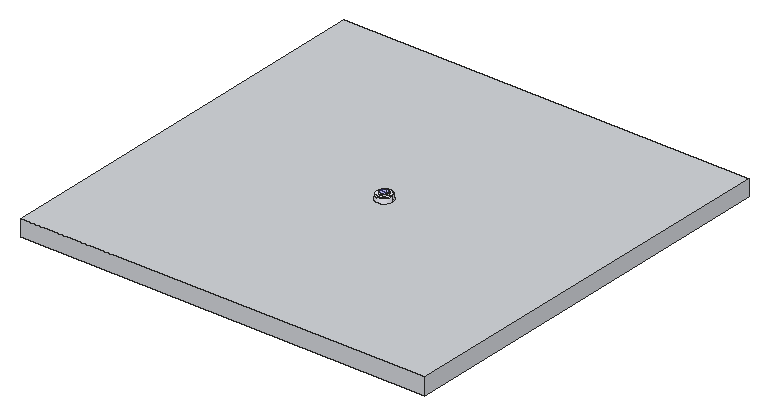
Revit family "BEG-92219", category Dispositifs d'éclairage, Revit 2015
Parameters
  Detection zone [instance] = yes
  Seat area [instance] = height position < 301 cm  # yes
  URL = "http://www.luxomat.com/en-92219"
  Type of output = "TOR"
  Ambiant temperature = "-25°C to +50°C"
  Ref = "92219"
  Relay = "10A"
  height position [instance] = 250 cm
  direct Range [instance] = height position * 2.4  # 600 cm
  transversal Range [instance] = height position * 4  # 1000 cm
  Modèle = "PD3N-1C/SM-Micro"
  Installation type = "Ceiling"
  Brand = "LUXOMAT"
  Image du type = 92219.jpg
  IP = "44"
  Mounting height max = Installation height max  # 300 cm
  Installation height max = 300 cm
  Fabricant = "B.E.G"
  Label [instance] = yes
  Default Elevation = 0 cm
  Consumption = "0,49W"
  Commentaires du type = "Occupancy detector PD3N-1C/SM-Micro"
  Code d'assemblage = "D5010200"
  Class = "2"
  Switching power LED = "200W"
  Switching power Cos ɸ =1 = "2300W"
  Switching power Cos ɸ =0.5 = "1150VA"
  Power voltage = "110-240 V AC"
  seated activity [instance] = height position * 1.6  # 400 cm
Reference planes (cm)
  plane 1 "Centre (avant/arrière)": y = 0
  plane 2: z = 0
  plane 3 "Centre (gauche/droite)": x = 0
Forms (cm)
  Extrusion 1, solid
    sketch origin (0, 0, 0) x (1, 0, 0) y (0, 1, 0)
      loop
        line (-121.92, 121.92) -> (-121.92, -121.92) -> (121.92, -121.92) -> (121.92, 121.92) -> (-121.92, 121.92)
    from 0 to -10
Dimensions and locks (cm)
  aligned and locked: plane 2 to Extrusion 1
  aligned and locked: level to Extrusion 1
  aligned and locked: nested 2 to plane 2
Nested families (cm)
  nested 1: "Famille1" at (0, -72.6659, 0) x (-1, 0, 0) z (0, 0, 1), reference <- "Ref", modele <- "Modèle", visible <- "Label", type "Famille1"
    with reference "92219", modele "PD3N-1C/SM-Micro"
  nested 2: "M8" at (0, 0, 0), type "Standard"
  nested 3: "zone G" at (0, 0, 0) x (-1, 0, 0) z (0, 0, 1), visible <- "Detection zone", activité assise <- "seated activity", biais <- "transversal Range", frontal <- "direct Range", Zone assise <- "Seat area", type "zone G"
    with position 2 240 cm, position 1 400 cm, frontal 600 cm, biais 1000 cm, activité assise 400 cm, Zone assise yes
  nested 4: "Plafond 360° 2D" at (0, 0, 0), type "Plafond 360° 2D"
Connectors (cm)
  electrical at (0, 0, 0)
    settings: on nested 2, index 1, voltage 240 V, apparent load 0 VA, apparent load phase1 0 VA, apparent load phase2 0 VA, apparent load phase3 0 VA, power factor 1, load classification "Eclairage", number of poles 1, system type 31, power factor state 1, is connector primary yes, connector utility no, sub classification motor no, connector description ""
Definition of nested family "M8"
  Reference planes (cm)
    plane 1 "Centre (avant/arrière)": y = 0
    plane 2: z = 0
    plane 3 "Centre (gauche/droite)": x = 0
    plane 4: y = 0
  Forms (cm)
    Revolve 1, solid
      sketch origin (0, 0, 0) x (-1, 0, 0) y (0, 0, 1)
        loop
          line (0, 0) -> (0, 3.6) -> (-2.45, 3.6) -> (-2.6598, 3.35) -> (-2.6598, 3.1) -> (-4.3661, 2.8) -> (-4.69, 2.4) -> (-4.9, 0) -> (0, 0)
        axis (0, 0) -> (0, 3.6)
      angle from 0 to 360
    Revolve 2, solid
      sketch origin (0, 0, 0) x (-1, 0, 0) y (0, 0, 1)
        loop
          line (0, 3.6) -> (0, 5)
          arc (0, 5) -> (-1.3892, 4.6244) -> (-2.4, 3.6) r 2.7571
          line (-2.4, 3.6) -> (0, 3.6)
        axis (0, 3.6) -> (0, 5)
      angle from 0 to 360
  Lines and regions (cm)
    reference lines
      curve 1: line (0, 0, 0) -> (0, 0, 5)
      curve 2: line (2.45, 0, 3.6) -> (0, 0, 3.6)
      curve 3: line (2.6598, 0, 3.35) -> (2.45, 0, 3.6)
      curve 4: line (2.6598, 0, 3.35) -> (2.6598, 0, 3.1)
      curve 5: line (4.3661, 0, 2.8) -> (2.6598, 0, 3.1)
      curve 6: line (4.69, 0, 2.4) -> (4.3661, 0, 2.8)
      curve 7: line (4.9, 0, 0) -> (4.69, 0, 2.4)
      curve 8: line (0, 0, 0) -> (4.9, 0, 0)
      curve 9: line (0, 0, 5) -> (0, 0, 3.6)
      curve 10: arc (0, 0, 5) -> (1.3892, 0, 4.6244) -> (2.4, 0, 3.6) r 2.7571
      curve 11: line (0, 0, 3.6) -> (2.4, 0, 3.6)
      curve 12: line (0, 0, 0) -> (0, 0, 5)
  Dimensions and locks (cm)
    aligned and locked: level to plane 2
    aligned and locked: Revolve 1 sketch curve to curve 1  (x2)
    aligned and locked: Revolve 1 sketch curve to curve 2
    aligned and locked: Revolve 1 sketch curve to curve 3
    aligned and locked: Revolve 1 sketch curve to curve 4
    aligned and locked: Revolve 1 sketch curve to curve 5
    aligned and locked: Revolve 1 sketch curve to curve 6
    aligned and locked: Revolve 1 sketch curve to curve 7
    aligned and locked: Revolve 1 sketch curve to curve 8
    aligned and locked: Revolve 2 sketch curve to curve 9
    aligned and locked: Revolve 2 sketch curve to curve 10
    aligned and locked: Revolve 2 sketch curve to curve 11
    aligned and locked: Revolve 2 sketch curve to curve 12
Definition of nested family "Famille1"
  Parameters (values of type "Famille1")
    reference [instance] = ""
    modele [instance] = ""
  Reference planes (cm)
    plane 1: y = 0
    plane 2: x = 0
  Text (cm)
    label "reference\n\nmodele" at (0.0074, 0.0451, 0), shows "reference", "modele"
Definition of nested family "zone G"
  Parameters (values of type "zone G")
    position 2 [instance] = (frontal / 2) * 0.8  # 240 cm
    position 1 [instance] = (biais / 2) * 0.8  # 400 cm
    frontal [instance] = 600 cm
    biais [instance] = 1000 cm
    activité assise [instance] = 400 cm
    Zone assise [instance] = yes
  Reference planes (cm)
    plane 1 "Centre (avant/arrière)": y = 0
    plane 2: z = 0
    plane 3 "Centre (gauche/droite)": x = 0
    plane 4: x = -400
    plane 5: y = -240
  Lines and regions (cm)
    detail lines, in view "Niveau de réf.", visible <- "Zone assise"
      curve 1: circle (0, 0, 0) r 200 normal (0, 0, 1)
      curve 4: spline (-105.2767, 3.2118, 0) -> (-104.9106, 3.0586, 0) -> (-103.8375, 2.9158, 0) -> (-102.1303, 2.7932, 0) -> (-99.9055, 2.6991, 0) -> (-97.3146, 2.6399, 0) -> (-94.5343, 2.6198, 0) -> (-91.7539, 2.6399, 0) -> (-89.163, 2.6991, 0) -> (-86.9382, 2.7932, 0) -> (-85.231, 2.9158, 0) -> (-84.1579, 3.0586, 0) -> (-83.7918, 3.2118, 0) -> (-84.1579, 3.365, 0) -> (-85.231, 3.5078, 0) -> (-86.9382, 3.6305, 0) -> (-89.163, 3.7245, 0) -> (-91.7539, 3.7837, 0) -> (-94.5343, 3.8039, 0) -> (-97.3146, 3.7837, 0) -> (-99.9055, 3.7245, 0) -> (-102.1303, 3.6305, 0) -> (-103.8375, 3.5078, 0) -> (-104.9106, 3.365, 0) -> (-105.2767, 3.2118, 0)
      curve 5: line (-105.2767, 3.2118, 0) -> (-103.7271, 3.5181, 0)
      curve 6: arc (-102.6495, -16.5888, 0) -> (-107.2915, -17.186, 0) -> (-111.6311, -18.9388, 0) r 18.3388
      curve 7: arc (-111.6311, -18.9388, 0) -> (-111.6982, -19.0046, 0) -> (-111.7229, -19.0953, 0) r 0.1799
      curve 8: arc (-102.4571, -17.1805, 0) -> (-106.7473, -17.5804, 0) -> (-110.8538, -18.8852, 0) r 20.1051
      curve 9: arc (-110.8538, -18.8852, 0) -> (-111.0396, -18.979, 0) -> (-111.2122, -19.0953, 0) r 1.6679
      curve 10: circle (-111.4676, -19.8292, 0) r 0.5096 normal (0, 0, 1)
      curve 11: arc (-110.898, -19.8292, 0) -> (-111.4676, -19.2597, 0) -> (-112.0372, -19.8292, 0) r 0.5696
      curve 12: arc (-110.838, -19.8292, 0) -> (-111.4676, -19.1997, 0) -> (-112.0972, -19.8292, 0) r 0.6296
      curve 13: arc (-86.4191, -16.5888, 0) -> (-81.7771, -17.186, 0) -> (-77.4374, -18.9388, 0) r 18.3388
      curve 14: arc (-77.4374, -18.9388, 0) -> (-77.3704, -19.0046, 0) -> (-77.3456, -19.0953, 0) r 0.1799
      curve 15: arc (-86.6114, -17.1805, 0) -> (-82.3212, -17.5804, 0) -> (-78.2147, -18.8852, 0) r 20.1051
      curve 16: arc (-78.2147, -18.8852, 0) -> (-78.0289, -18.979, 0) -> (-77.8563, -19.0953, 0) r 1.6679
      curve 17: circle (-77.6009, -19.8292, 0) r 0.5096 normal (0, 0, 1)
      curve 18: arc (-77.0314, -19.8292, 0) -> (-77.6009, -19.2597, 0) -> (-78.1705, -19.8292, 0) r 0.5696
      curve 19: arc (-76.9714, -19.8292, 0) -> (-77.6009, -19.1997, 0) -> (-78.2305, -19.8292, 0) r 0.6296
      curve 20: arc (-95.2593, -16.5888, 0) -> (-98.9871, -17.441, 0) -> (-102.5056, -18.9388, 0) r 21.5424
      curve 21: arc (-102.5056, -18.9388, 0) -> (-102.5726, -19.0046, 0) -> (-102.5974, -19.0953, 0) r 0.1799
      curve 22: arc (-95.2593, -17.1805, 0) -> (-98.5536, -17.8061, 0) -> (-101.7283, -18.8852, 0) r 23.9713
      curve 23: arc (-101.7283, -18.8852, 0) -> (-101.911, -18.9772, 0) -> (-102.081, -19.0909, 0) r 1.6679
      curve 24: arc (-95.0229, -17.1805, 0) -> (-98.2689, -17.8294, 0) -> (-101.4063, -18.8852, 0) r 26.0219
      curve 25: arc (-101.4063, -18.8852, 0) -> (-101.592, -18.979, 0) -> (-101.7647, -19.0953, 0) r 1.6679
      curve 26: circle (-102.181, -19.8292, 0) r 0.5096 normal (0, 0, 1)
      curve 27: arc (-101.6114, -19.8292, 0) -> (-102.181, -19.2597, 0) -> (-102.7506, -19.8292, 0) r 0.5696
      curve 28: arc (-101.5514, -19.8292, 0) -> (-102.181, -19.1997, 0) -> (-102.8106, -19.8292, 0) r 0.6296
      curve 29: arc (-93.8092, -16.5888, 0) -> (-90.0814, -17.441, 0) -> (-86.5629, -18.9388, 0) r 21.5424
      curve 30: arc (-86.5629, -18.9388, 0) -> (-86.4959, -19.0046, 0) -> (-86.4711, -19.0953, 0) r 0.1799
      curve 31: arc (-93.8092, -17.1805, 0) -> (-90.5149, -17.8061, 0) -> (-87.3402, -18.8852, 0) r 23.9713
      curve 32: arc (-87.3402, -18.8852, 0) -> (-87.1544, -18.979, 0) -> (-86.9818, -19.0953, 0) r 1.6679
      curve 33: arc (-94.0457, -17.1805, 0) -> (-90.7996, -17.8294, 0) -> (-87.6622, -18.8852, 0) r 26.0219
      curve 34: arc (-87.6622, -18.8852, 0) -> (-87.4765, -18.979, 0) -> (-87.3039, -19.0953, 0) r 1.6679
      curve 35: circle (-86.8875, -19.8292, 0) r 0.5096 normal (0, 0, 1)
      curve 36: arc (-86.3179, -19.8292, 0) -> (-86.8875, -19.2597, 0) -> (-87.4571, -19.8292, 0) r 0.5696
      curve 37: arc (-86.2579, -19.8292, 0) -> (-86.8875, -19.1997, 0) -> (-87.5171, -19.8292, 0) r 0.6296
      curve 38: arc (-103.0079, 8.8705, 0) -> (-101.8776, 5.8173, 0) -> (-98.8653, 4.5819, 0) r 4.0512
      curve 39: arc (-83.7186, 4.2269, 0) -> (-82.9538, 3.7817, 0) -> (-82.7946, 2.9112, 0) r 1.0582
      curve 40: arc (-82.7946, 2.9112, 0) -> (-84.0889, -6.227, 0) -> (-84.0703, -15.4564, 0) r 64.7189
      curve 41: arc (-84.0703, -15.4564, 0) -> (-83.933, -16.0031, 0) -> (-83.4527, -16.2981, 0) r 0.7467
      curve 42: arc (-83.4527, -16.2981, 0) -> (-80.3714, -16.8717, 0) -> (-77.238, -16.9405, 0) r 19.3577
      curve 43: arc (-77.238, -16.9405, 0) -> (-77.6363, -16.4391, 0) -> (-78.2461, -16.244, 0) r 1.1013
      curve 44: arc (-78.2461, -16.244, 0) -> (-80.4274, -15.8096, 0) -> (-82.5587, -15.1742, 0) r 23.8747
      curve 45: arc (-82.5587, -15.1742, 0) -> (-81.6045, -6.5488, 0) -> (-80.848, 2.0961, 0) r 379.1961
      curve 46: arc (-80.848, 2.0961, 0) -> (-81.0708, 4.8418, 0) -> (-83.0581, 6.7494, 0) r 3.8846
      curve 47: arc (-83.0581, 6.7494, 0) -> (-89.2141, 8.8147, 0) -> (-95.6542, 9.6431, 0) r 33.2193
      curve 48: arc (-95.6542, 9.6431, 0) -> (-94.8516, 17.305, 0) -> (-94.8609, 25.0089, 0) r 72.9952
      curve 49: arc (-95.1116, 28.28, 0) -> (-95.2196, 29.2958, 0) -> (-95.3418, 30.31, 0) r 72.9952
      curve 50: arc (-98.1747, 30.0752, 0) -> (-100.3426, 29.2913, 0) -> (-99.4886, 27.1501, 0) r 1.6042
      curve 51: arc (-95.3418, 30.31, 0) -> (-98.7298, 32.2574, 0) -> (-102.1179, 30.31, 0) r 3.9209
      curve 52: arc (-68.8418, 20.3177, 0) -> (-68.8537, 20.2265, 0) -> (-68.9411, 20.2549, 0) r 0.0597
      curve 53: arc (-70.9776, 20.5408, 0) -> (-70.9496, 20.3832, 0) -> (-71.1082, 20.3621, 0) r 0.1108
      curve 54: spline (-98.8908, 41.6409, 0) -> (-97.9793, 41.5103, 0) -> (-97.1229, 41.0855, 0) -> (-96.38, 40.3954, 0) -> (-95.8012, 39.4871, 0) -> (-95.426, 38.4224, 0) -> (-95.2799, 37.274, 0) -> (-95.3728, 36.12, 0) -> (-95.6985, 35.0392, 0) -> (-96.2348, 34.1051, 0) -> (-96.945, 33.3815, 0) -> (-97.7809, 32.9176, 0) -> (-98.6854, 32.7451, 0) -> (-99.5969, 32.8757, 0) -> (-100.4532, 33.3005, 0) -> (-101.1961, 33.9906, 0) -> (-101.7749, 34.8989, 0) -> (-102.1502, 35.9636, 0) -> (-102.2963, 37.112, 0) -> (-102.2033, 38.266, 0) -> (-101.8776, 39.3468, 0) -> (-101.3414, 40.2809, 0) -> (-100.6311, 41.0045, 0) -> (-99.7953, 41.4684, 0) -> (-98.8908, 41.6409, 0)
      curve 55: line (-74.1608, -20.3388, 0) -> (-33.3759, -20.3388, 0)
      curve 56: line (-33.3759, -20.3388, 0) -> (-33.3759, 18.6681, 0)
      curve 57: line (-33.3759, 18.6681, 0) -> (-74.1608, 18.6681, 0)
      curve 58: line (-74.1608, 18.6681, 0) -> (-74.1608, -20.3388, 0)
      curve 59: line (-74.1608, -20.3388, 0) -> (-120.7181, -20.3388, 0)
      curve 60: line (-80.1025, 18.6681, 0) -> (-27.4342, 18.6681, 0)
      curve 61: line (-27.4342, 18.6681, 0) -> (-27.4342, 20.1345, 0)
      curve 62: line (-27.4342, 20.1345, 0) -> (-80.1025, 20.1345, 0)
      curve 63: line (-80.1025, 20.1345, 0) -> (-80.1025, 18.6681, 0)
      curve 64: line (-95.5223, 2.6198, 0) -> (-93.5462, 2.6198, 0)
      curve 65: line (-93.5462, 2.6198, 0) -> (-93.5462, -16.5888, 0)
      curve 66: line (-93.5462, -16.5888, 0) -> (-95.5223, -16.5888, 0)
      curve 67: line (-95.5223, -16.5888, 0) -> (-95.5223, 2.6198, 0)
      curve 68: line (-95.5223, -16.5888, 0) -> (-102.6495, -16.5888, 0)
      curve 69: line (-111.7229, -19.0953, 0) -> (-111.2122, -19.0953, 0)
      curve 70: line (-93.8092, -16.5888, 0) -> (-94.0457, -17.1805, 0)
      curve 71: line (-94.0457, -17.1805, 0) -> (-93.8092, -17.1805, 0)
      curve 72: line (-93.8092, -17.1805, 0) -> (-94.5343, -17.1805, 0)
      curve 73: line (-94.5343, -17.1805, 0) -> (-95.2593, -17.1805, 0)
      curve 74: line (-95.2593, -17.1805, 0) -> (-95.0229, -17.1805, 0)
      curve 75: line (-95.0229, -17.1805, 0) -> (-95.2593, -16.5888, 0)
      curve 76: line (-98.1226, -17.1805, 0) -> (-102.4571, -17.1805, 0)
      curve 77: line (-112.0372, -19.8292, 0) -> (-112.0972, -19.8292, 0)
      curve 78: line (-110.898, -19.8292, 0) -> (-110.838, -19.8292, 0)
      curve 79: line (-111.3676, -19.2076, 0) -> (-111.3676, -19.0953, 0)
      curve 80: line (-111.5676, -19.2076, 0) -> (-111.5676, -19.0953, 0)
      curve 81: line (-93.5462, -16.5888, 0) -> (-86.4191, -16.5888, 0)
      curve 82: line (-77.3456, -19.0953, 0) -> (-77.8563, -19.0953, 0)
      curve 83: line (-90.9459, -17.1805, 0) -> (-86.6114, -17.1805, 0)
      curve 84: line (-77.0314, -19.8292, 0) -> (-76.9714, -19.8292, 0)
      curve 85: line (-78.1705, -19.8292, 0) -> (-78.2305, -19.8292, 0)
      curve 86: line (-77.7009, -19.2076, 0) -> (-77.7009, -19.0953, 0)
      curve 87: line (-77.5009, -19.2076, 0) -> (-77.5009, -19.0953, 0)
      curve 88: line (-102.5974, -19.0953, 0) -> (-101.7647, -19.0953, 0)
      curve 89: line (-102.7506, -19.8292, 0) -> (-102.8106, -19.8292, 0)
      curve 90: line (-101.6114, -19.8292, 0) -> (-101.5514, -19.8292, 0)
      curve 91: line (-102.081, -19.2076, 0) -> (-102.081, -19.0909, 0)
      curve 92: line (-102.281, -19.2076, 0) -> (-102.281, -19.0953, 0)
      curve 93: line (-86.4711, -19.0953, 0) -> (-87.3039, -19.0953, 0)
      curve 94: line (-86.3179, -19.8292, 0) -> (-86.2579, -19.8292, 0)
      curve 95: line (-87.4571, -19.8292, 0) -> (-87.5171, -19.8292, 0)
      curve 96: line (-86.9875, -19.2076, 0) -> (-86.9875, -19.0953, 0)
      curve 97: line (-86.7875, -19.2076, 0) -> (-86.7875, -19.0953, 0)
      curve 98: line (-98.8653, 4.5819, 0) -> (-83.7186, 4.2269, 0)
      curve 99: line (-103.0079, 8.8705, 0) -> (-102.1179, 30.31, 0)
      curve 100: line (-98.1747, 30.0752, 0) -> (-85.3255, 22.5448, 0)
      curve 101: line (-85.3255, 22.5448, 0) -> (-74.2929, 21.667, 0)
      curve 102: line (-74.2929, 21.667, 0) -> (-71.6033, 21.7219, 0)
      curve 103: line (-71.6033, 21.7219, 0) -> (-69.7371, 21.2829, 0)
      curve 104: line (-69.7371, 21.2829, 0) -> (-68.8418, 20.3177, 0)
      curve 105: line (-68.9411, 20.2549, 0) -> (-69.7808, 21.0896, 0)
      curve 106: line (-69.7808, 21.0896, 0) -> (-71.6115, 21.2989, 0)
      curve 107: line (-71.6115, 21.2989, 0) -> (-72.0159, 21.0248, 0)
      curve 108: line (-72.0159, 21.0248, 0) -> (-70.9776, 20.5408, 0)
      curve 109: line (-71.1082, 20.3621, 0) -> (-72.6656, 20.8949, 0)
      curve 110: line (-72.6656, 20.8949, 0) -> (-74.496, 20.6558, 0)
      curve 111: line (-74.496, 20.6558, 0) -> (-86.0144, 20.9158, 0)
      curve 112: line (-86.0144, 20.9158, 0) -> (-99.4886, 27.1501, 0)
      curve 113: line (-99.8644, 32.9741, 0) -> (-99.9944, 32.0479, 0)
      curve 114: line (-97.5142, 33.0301, 0) -> (-97.3718, 32.0147, 0)
      curve 115: line (-33.3759, -20.3388, 0) -> (-21.8014, -20.3388, 0)
    detail lines, in view "Niveau de réf."
      curve 2: circle (0, 0, 0) r 300 normal (0, 0, 1)
      curve 3: circle (0, 0, 0) r 500 normal (0, 0, 1)
      curve 116: spline (2.3068, -267.7265, 0) -> (4.0856, -267.3949, 0) -> (5.7432, -266.4226, 0) -> (7.1667, -264.876, 0) -> (8.2589, -262.8603, 0) -> (8.9455, -260.5131, 0) -> (9.1797, -257.9942, 0) -> (8.9455, -255.4753, 0) -> (8.2589, -253.1281, 0) -> (7.1667, -251.1125, 0) -> (5.7432, -249.5658, 0) -> (4.0856, -248.5936, 0) -> (2.3068, -248.262, 0) -> (0.5279, -248.5936, 0) -> (-1.1297, -249.5658, 0) -> (-2.5531, -251.1125, 0) -> (-3.6453, -253.1281, 0) -> (-4.3319, -255.4753, 0) -> (-4.5661, -257.9942, 0) -> (-4.3319, -260.5131, 0) -> (-3.6453, -262.8603, 0) -> (-2.5531, -264.876, 0) -> (-1.1297, -266.4226, 0) -> (0.5279, -267.3949, 0) -> (2.3068, -267.7265, 0)
      curve 117: line (-4.7649, -255.0929, 0) -> (0.5136, -267.9212, 0)
      curve 118: line (3.5648, -268.0775, 0) -> (9.2455, -254.5266, 0)
      curve 119: line (-0.3759, -248.4588, 0) -> (-3.0011, -250.8806, 0)
      curve 120: line (3.5053, -268.5045, 0) -> (6.62, -268.3756, 0)
      curve 121: line (1.7304, -268.3525, 0) -> (3.5053, -268.5045, 0)
      curve 122: line (-4.7649, -255.0929, 0) -> (0.5136, -267.9212, 0)
      curve 123: line (-21.1936, -255.3894, 0) -> (-24.4202, -257.3623, 0)
      curve 124: line (-21.1936, -255.3894, 0) -> (-24.4202, -257.3623, 0)
      curve 125: line (-0.3759, -248.4588, 0) -> (-3.0011, -250.8806, 0)
      curve 126: line (1.7304, -268.3525, 0) -> (6.62, -268.3756, 0)
      curve 127: line (3.5648, -268.0775, 0) -> (9.2455, -254.5266, 0)
      curve 128: line (0, -240, 0) -> (0, -209.0788, 0)
      curve 129: line (0, -209.0788, 0) -> (0, -200.7814, 0)
      curve 130: spline (-397.6932, -27.7265, 0) -> (-395.9144, -27.3949, 0) -> (-394.2568, -26.4226, 0) -> (-392.8333, -24.876, 0) -> (-391.7411, -22.8603, 0) -> (-391.0545, -20.5131, 0) -> (-390.8203, -17.9942, 0) -> (-391.0545, -15.4753, 0) -> (-391.7411, -13.1281, 0) -> (-392.8333, -11.1125, 0) -> (-394.2568, -9.5658, 0) -> (-395.9144, -8.5936, 0) -> (-397.6932, -8.262, 0) -> (-399.4721, -8.5936, 0) -> (-401.1297, -9.5658, 0) -> (-402.5531, -11.1125, 0) -> (-403.6453, -13.1281, 0) -> (-404.3319, -15.4753, 0) -> (-404.5661, -17.9942, 0) -> (-404.3319, -20.5131, 0) -> (-403.6453, -22.8603, 0) -> (-402.5531, -24.876, 0) -> (-401.1297, -26.4226, 0) -> (-399.4721, -27.3949, 0) -> (-397.6932, -27.7265, 0)
      curve 131: line (-404.7649, -15.0929, 0) -> (-399.4864, -27.9212, 0)
      curve 132: line (-396.4352, -28.0775, 0) -> (-390.7545, -14.5266, 0)
      curve 133: line (-400.3759, -8.4588, 0) -> (-403.0011, -10.8806, 0)
      curve 134: line (-396.4947, -28.5045, 0) -> (-393.38, -28.3756, 0)
      curve 135: line (-398.2696, -28.3525, 0) -> (-396.4947, -28.5045, 0)
      curve 136: line (-404.7649, -15.0929, 0) -> (-399.4864, -27.9212, 0)
      curve 137: line (-421.1936, -15.3894, 0) -> (-424.4202, -17.3623, 0)
      curve 138: line (-421.1936, -15.3894, 0) -> (-424.4202, -17.3623, 0)
      curve 139: line (-400.3759, -8.4588, 0) -> (-403.0011, -10.8806, 0)
      curve 140: line (-398.2696, -28.3525, 0) -> (-393.38, -28.3756, 0)
      curve 141: line (-396.4352, -28.0775, 0) -> (-390.7545, -14.5266, 0)
      curve 142: line (-400, 0, 0) -> (-400, 30.9212, 0)
      curve 143: line (-400, 30.9212, 0) -> (-400, 39.2186, 0)
    detail lines, in view "Niveau de réf.", visible <- "Zone assise", not visible
      curve 144: spline (925.976, -22.5654, 0) -> (926.342, -22.7186, 0) -> (927.4152, -22.8614, 0) -> (929.1224, -22.984, 0) -> (931.3472, -23.0781, 0) -> (933.938, -23.1373, 0) -> (936.7184, -23.1574, 0) -> (939.4987, -23.1373, 0) -> (942.0896, -23.0781, 0) -> (944.3144, -22.984, 0) -> (946.0216, -22.8614, 0) -> (947.0948, -22.7186, 0) -> (947.4608, -22.5654, 0) -> (947.0948, -22.4122, 0) -> (946.0216, -22.2694, 0) -> (944.3144, -22.1467, 0) -> (942.0896, -22.0527, 0) -> (939.4987, -21.9935, 0) -> (936.7184, -21.9733, 0) -> (933.938, -21.9935, 0) -> (931.3472, -22.0527, 0) -> (929.1224, -22.1467, 0) -> (927.4152, -22.2694, 0) -> (926.342, -22.4122, 0) -> (925.976, -22.5654, 0)
      curve 145: line (925.976, -22.5654, 0) -> (927.5256, -22.2591, 0)
      curve 146: arc (928.6032, -42.366, 0) -> (923.9612, -42.9632, 0) -> (919.6215, -44.716, 0) r 18.3388
      curve 147: arc (919.6215, -44.716, 0) -> (919.5545, -44.7818, 0) -> (919.5297, -44.8725, 0) r 0.1799
      curve 148: arc (928.7956, -42.9577, 0) -> (924.5053, -43.3576, 0) -> (920.3988, -44.6624, 0) r 20.1051
      curve 149: arc (920.3988, -44.6624, 0) -> (920.213, -44.7562, 0) -> (920.0404, -44.8725, 0) r 1.6679
      curve 150: circle (919.7851, -45.6065, 0) r 0.5096 normal (0, 0, 1)
      curve 151: arc (920.3547, -45.6065, 0) -> (919.7851, -45.0369, 0) -> (919.2155, -45.6065, 0) r 0.5696
      curve 152: arc (920.4147, -45.6065, 0) -> (919.7851, -44.9769, 0) -> (919.1555, -45.6065, 0) r 0.6296
      curve 153: arc (944.8336, -42.366, 0) -> (949.4756, -42.9632, 0) -> (953.8152, -44.716, 0) r 18.3388
      curve 154: arc (953.8152, -44.716, 0) -> (953.8823, -44.7818, 0) -> (953.907, -44.8725, 0) r 0.1799
      curve 155: arc (944.6412, -42.9577, 0) -> (948.9315, -43.3576, 0) -> (953.038, -44.6624, 0) r 20.1051
      curve 156: arc (953.038, -44.6624, 0) -> (953.2237, -44.7562, 0) -> (953.3964, -44.8725, 0) r 1.6679
      curve 157: circle (953.6517, -45.6065, 0) r 0.5096 normal (0, 0, 1)
      curve 158: arc (954.2213, -45.6065, 0) -> (953.6517, -45.0369, 0) -> (953.0821, -45.6065, 0) r 0.5696
      curve 159: arc (954.2813, -45.6065, 0) -> (953.6517, -44.9769, 0) -> (953.0221, -45.6065, 0) r 0.6296
      curve 160: arc (935.9933, -42.366, 0) -> (932.2655, -43.2182, 0) -> (928.7471, -44.716, 0) r 21.5424
      curve 161: arc (928.7471, -44.716, 0) -> (928.68, -44.7818, 0) -> (928.6553, -44.8725, 0) r 0.1799
      curve 162: arc (935.9933, -42.9577, 0) -> (932.6991, -43.5833, 0) -> (929.5243, -44.6624, 0) r 23.9713
      curve 163: arc (929.5243, -44.6624, 0) -> (929.3417, -44.7544, 0) -> (929.1716, -44.8681, 0) r 1.6679
      curve 164: arc (936.2298, -42.9577, 0) -> (932.9838, -43.6066, 0) -> (929.8464, -44.6624, 0) r 26.0219
      curve 165: arc (929.8464, -44.6624, 0) -> (929.6606, -44.7562, 0) -> (929.488, -44.8725, 0) r 1.6679
      curve 166: circle (929.0716, -45.6065, 0) r 0.5096 normal (0, 0, 1)
      curve 167: arc (929.6412, -45.6065, 0) -> (929.0716, -45.0369, 0) -> (928.502, -45.6065, 0) r 0.5696
      curve 168: arc (929.7012, -45.6065, 0) -> (929.0716, -44.9769, 0) -> (928.442, -45.6065, 0) r 0.6296
      curve 169: arc (937.4435, -42.366, 0) -> (941.1713, -43.2182, 0) -> (944.6897, -44.716, 0) r 21.5424
      curve 170: arc (944.6897, -44.716, 0) -> (944.7568, -44.7818, 0) -> (944.7815, -44.8725, 0) r 0.1799
      curve 171: arc (937.4435, -42.9577, 0) -> (940.7377, -43.5833, 0) -> (943.9124, -44.6624, 0) r 23.9713
      curve 172: arc (943.9124, -44.6624, 0) -> (944.0982, -44.7562, 0) -> (944.2708, -44.8725, 0) r 1.6679
      curve 173: arc (937.207, -42.9577, 0) -> (940.453, -43.6066, 0) -> (943.5904, -44.6624, 0) r 26.0219
      curve 174: arc (943.5904, -44.6624, 0) -> (943.7762, -44.7562, 0) -> (943.9488, -44.8725, 0) r 1.6679
      curve 175: circle (944.3651, -45.6065, 0) r 0.5096 normal (0, 0, 1)
      curve 176: arc (944.9347, -45.6065, 0) -> (944.3651, -45.0369, 0) -> (943.7956, -45.6065, 0) r 0.5696
      curve 177: arc (944.9947, -45.6065, 0) -> (944.3651, -44.9769, 0) -> (943.7356, -45.6065, 0) r 0.6296
      curve 178: arc (928.2447, -16.9067, 0) -> (929.3751, -19.9599, 0) -> (932.3873, -21.1953, 0) r 4.0512
      curve 179: arc (947.5341, -21.5503, 0) -> (948.2989, -21.9955, 0) -> (948.4581, -22.866, 0) r 1.0582
      curve 180: arc (948.4581, -22.866, 0) -> (947.1637, -32.0042, 0) -> (947.1824, -41.2336, 0) r 64.7189
      curve 181: arc (947.1824, -41.2336, 0) -> (947.3196, -41.7803, 0) -> (947.8, -42.0753, 0) r 0.7467
      curve 182: arc (947.8, -42.0753, 0) -> (950.8812, -42.6489, 0) -> (954.0146, -42.7177, 0) r 19.3577
      curve 183: arc (954.0146, -42.7177, 0) -> (953.6164, -42.2163, 0) -> (953.0065, -42.0212, 0) r 1.1013
      curve 184: arc (953.0065, -42.0212, 0) -> (950.8253, -41.5868, 0) -> (948.6939, -40.9514, 0) r 23.8747
      curve 185: arc (948.6939, -40.9514, 0) -> (949.6481, -32.326, 0) -> (950.4047, -23.6811, 0) r 379.1961
      curve 186: arc (950.4047, -23.6811, 0) -> (950.1819, -20.9354, 0) -> (948.1945, -19.0278, 0) r 3.8846
      curve 187: arc (948.1945, -19.0278, 0) -> (942.0386, -16.9625, 0) -> (935.5985, -16.1341, 0) r 33.2193
      curve 188: arc (935.5985, -16.1341, 0) -> (936.4011, -8.4722, 0) -> (936.3918, -0.7683, 0) r 72.9952
      curve 189: arc (936.1411, 2.5028, 0) -> (936.0331, 3.5186, 0) -> (935.9108, 4.5328, 0) r 72.9952
      curve 190: arc (933.0779, 4.298, 0) -> (930.9101, 3.5141, 0) -> (931.7641, 1.3729, 0) r 1.6042
      curve 191: arc (935.9108, 4.5328, 0) -> (932.5228, 6.4802, 0) -> (929.1348, 4.5328, 0) r 3.9209
      curve 192: arc (962.4108, -5.4595, 0) -> (962.3989, -5.5507, 0) -> (962.3115, -5.5223, 0) r 0.0597
      curve 193: arc (960.275, -5.2364, 0) -> (960.303, -5.394, 0) -> (960.1444, -5.4151, 0) r 0.1108
      curve 194: spline (932.3619, 15.8637, 0) -> (933.2734, 15.7331, 0) -> (934.1297, 15.3083, 0) -> (934.8726, 14.6182, 0) -> (935.4514, 13.7099, 0) -> (935.8267, 12.6452, 0) -> (935.9728, 11.4968, 0) -> (935.8798, 10.3428, 0) -> (935.5541, 9.262, 0) -> (935.0179, 8.3279, 0) -> (934.3076, 7.6043, 0) -> (933.4718, 7.1404, 0) -> (932.5673, 6.9679, 0) -> (931.6558, 7.0985, 0) -> (930.7994, 7.5233, 0) -> (930.0565, 8.2134, 0) -> (929.4777, 9.1217, 0) -> (929.1025, 10.1864, 0) -> (928.9564, 11.3348, 0) -> (929.0493, 12.4888, 0) -> (929.375, 13.5696, 0) -> (929.9113, 14.5037, 0) -> (930.6215, 15.2273, 0) -> (931.4574, 15.6912, 0) -> (932.3619, 15.8637, 0)
      curve 195: line (957.0918, -46.116, 0) -> (997.8768, -46.116, 0)
      curve 196: line (997.8768, -46.116, 0) -> (997.8768, -7.1091, 0)
      curve 197: line (997.8768, -7.1091, 0) -> (957.0918, -7.1091, 0)
      curve 198: line (957.0918, -7.1091, 0) -> (957.0918, -46.116, 0)
      curve 199: line (957.0918, -46.116, 0) -> (910.5345, -46.116, 0)
      curve 200: line (951.1501, -7.1091, 0) -> (1003.8185, -7.1091, 0)
      curve 201: line (1003.8185, -7.1091, 0) -> (1003.8185, -5.6427, 0)
      curve 202: line (1003.8185, -5.6427, 0) -> (951.1501, -5.6427, 0)
      curve 203: line (951.1501, -5.6427, 0) -> (951.1501, -7.1091, 0)
      curve 204: line (935.7304, -23.1574, 0) -> (937.7064, -23.1574, 0)
      curve 205: line (937.7064, -23.1574, 0) -> (937.7064, -42.366, 0)
      curve 206: line (937.7064, -42.366, 0) -> (935.7304, -42.366, 0)
      curve 207: line (935.7304, -42.366, 0) -> (935.7304, -23.1574, 0)
      curve 208: line (935.7304, -42.366, 0) -> (928.6032, -42.366, 0)
      curve 209: line (919.5297, -44.8725, 0) -> (920.0404, -44.8725, 0)
      curve 210: line (937.4435, -42.366, 0) -> (937.207, -42.9577, 0)
      curve 211: line (937.207, -42.9577, 0) -> (937.4435, -42.9577, 0)
      curve 212: line (937.4435, -42.9577, 0) -> (936.7184, -42.9577, 0)
      curve 213: line (936.7184, -42.9577, 0) -> (935.9933, -42.9577, 0)
      curve 214: line (935.9933, -42.9577, 0) -> (936.2298, -42.9577, 0)
      curve 215: line (936.2298, -42.9577, 0) -> (935.9933, -42.366, 0)
      curve 216: line (933.13, -42.9577, 0) -> (928.7956, -42.9577, 0)
      curve 217: line (919.2155, -45.6065, 0) -> (919.1555, -45.6065, 0)
      curve 218: line (920.3547, -45.6065, 0) -> (920.4147, -45.6065, 0)
      curve 219: line (919.8851, -44.9848, 0) -> (919.8851, -44.8725, 0)
      curve 220: line (919.6851, -44.9848, 0) -> (919.6851, -44.8725, 0)
      curve 221: line (937.7064, -42.366, 0) -> (944.8336, -42.366, 0)
      curve 222: line (953.907, -44.8725, 0) -> (953.3964, -44.8725, 0)
      curve 223: line (940.3068, -42.9577, 0) -> (944.6412, -42.9577, 0)
      curve 224: line (954.2213, -45.6065, 0) -> (954.2813, -45.6065, 0)
      curve 225: line (953.0821, -45.6065, 0) -> (953.0221, -45.6065, 0)
      curve 226: line (953.5517, -44.9848, 0) -> (953.5517, -44.8725, 0)
      curve 227: line (953.7517, -44.9848, 0) -> (953.7517, -44.8725, 0)
      curve 228: line (928.6553, -44.8725, 0) -> (929.488, -44.8725, 0)
      curve 229: line (928.502, -45.6065, 0) -> (928.442, -45.6065, 0)
      curve 230: line (929.6412, -45.6065, 0) -> (929.7012, -45.6065, 0)
      curve 231: line (929.1716, -44.9848, 0) -> (929.1716, -44.8681, 0)
      curve 232: line (928.9716, -44.9848, 0) -> (928.9716, -44.8725, 0)
      curve 233: line (944.7815, -44.8725, 0) -> (943.9488, -44.8725, 0)
      curve 234: line (944.9347, -45.6065, 0) -> (944.9947, -45.6065, 0)
      curve 235: line (943.7956, -45.6065, 0) -> (943.7356, -45.6065, 0)
      curve 236: line (944.2651, -44.9848, 0) -> (944.2651, -44.8725, 0)
      curve 237: line (944.4651, -44.9848, 0) -> (944.4651, -44.8725, 0)
      curve 238: line (932.3873, -21.1953, 0) -> (947.5341, -21.5503, 0)
      curve 239: line (928.2447, -16.9067, 0) -> (929.1348, 4.5328, 0)
      curve 240: line (933.0779, 4.298, 0) -> (945.9271, -3.2324, 0)
      curve 241: line (945.9271, -3.2324, 0) -> (956.9598, -4.1102, 0)
      curve 242: line (956.9598, -4.1102, 0) -> (959.6493, -4.0553, 0)
      curve 243: line (959.6493, -4.0553, 0) -> (961.5155, -4.4943, 0)
      curve 244: line (961.5155, -4.4943, 0) -> (962.4108, -5.4595, 0)
      curve 245: line (962.3115, -5.5223, 0) -> (961.4719, -4.6876, 0)
      curve 246: line (961.4719, -4.6876, 0) -> (959.6412, -4.4783, 0)
      curve 247: line (959.6412, -4.4783, 0) -> (959.2367, -4.7524, 0)
      curve 248: line (959.2367, -4.7524, 0) -> (960.275, -5.2364, 0)
      curve 249: line (960.1444, -5.4151, 0) -> (958.5871, -4.8823, 0)
      curve 250: line (958.5871, -4.8823, 0) -> (956.7566, -5.1214, 0)
      curve 251: line (956.7566, -5.1214, 0) -> (945.2383, -4.8614, 0)
      curve 252: line (945.2383, -4.8614, 0) -> (931.7641, 1.3729, 0)
      curve 253: line (931.3882, 7.1969, 0) -> (931.2583, 6.2707, 0)
      curve 254: line (933.7384, 7.2529, 0) -> (933.8809, 6.2375, 0)
      curve 255: line (997.8768, -46.116, 0) -> (1009.4512, -46.116, 0)
    detail lines, in view "Niveau de réf.", not visible
      curve 256: spline (630.3724, -48.277, 0) -> (632.1512, -47.9453, 0) -> (633.8088, -46.9731, 0) -> (635.2323, -45.4264, 0) -> (636.3245, -43.4108, 0) -> (637.0111, -41.0636, 0) -> (637.2453, -38.5447, 0) -> (637.0111, -36.0258, 0) -> (636.3245, -33.6786, 0) -> (635.2323, -31.663, 0) -> (633.8088, -30.1163, 0) -> (632.1512, -29.1441, 0) -> (630.3724, -28.8124, 0) -> (628.5935, -29.1441, 0) -> (626.9359, -30.1163, 0) -> (625.5125, -31.663, 0) -> (624.4202, -33.6786, 0) -> (623.7336, -36.0258, 0) -> (623.4995, -38.5447, 0) -> (623.7336, -41.0636, 0) -> (624.4202, -43.4108, 0) -> (625.5125, -45.4264, 0) -> (626.9359, -46.9731, 0) -> (628.5935, -47.9453, 0) -> (630.3724, -48.277, 0)
      curve 257: line (623.3007, -35.6434, 0) -> (628.5792, -48.4717, 0)
      curve 258: line (631.6303, -48.628, 0) -> (637.311, -35.0771, 0)
      curve 259: line (627.6897, -29.0093, 0) -> (625.0645, -31.4311, 0)
      curve 260: line (631.5709, -49.055, 0) -> (634.6856, -48.9261, 0)
      curve 261: line (629.7959, -48.903, 0) -> (631.5709, -49.055, 0)
      curve 262: line (623.3007, -35.6434, 0) -> (628.5792, -48.4717, 0)
      curve 263: line (606.872, -35.9399, 0) -> (603.6454, -37.9127, 0)
      curve 264: line (606.872, -35.9399, 0) -> (603.6454, -37.9127, 0)
      curve 265: line (627.6897, -29.0093, 0) -> (625.0645, -31.4311, 0)
      curve 266: line (629.7959, -48.903, 0) -> (634.6856, -48.9261, 0)
      curve 267: line (631.6303, -48.628, 0) -> (637.311, -35.0771, 0)
      curve 268: line (628.0656, -20.5505, 0) -> (628.0656, 10.3707, 0)
      curve 269: line (628.0656, 10.3707, 0) -> (628.0656, 18.6681, 0)
      curve 270: spline (1030.3724, -260.777, 0) -> (1032.1512, -260.4453, 0) -> (1033.8088, -259.4731, 0) -> (1035.2323, -257.9264, 0) -> (1036.3245, -255.9108, 0) -> (1037.0111, -253.5636, 0) -> (1037.2453, -251.0447, 0) -> (1037.0111, -248.5258, 0) -> (1036.3245, -246.1786, 0) -> (1035.2323, -244.163, 0) -> (1033.8088, -242.6163, 0) -> (1032.1512, -241.6441, 0) -> (1030.3724, -241.3124, 0) -> (1028.5935, -241.6441, 0) -> (1026.9359, -242.6163, 0) -> (1025.5125, -244.163, 0) -> (1024.4202, -246.1786, 0) -> (1023.7336, -248.5258, 0) -> (1023.4995, -251.0447, 0) -> (1023.7336, -253.5636, 0) -> (1024.4202, -255.9108, 0) -> (1025.5125, -257.9264, 0) -> (1026.9359, -259.4731, 0) -> (1028.5935, -260.4453, 0) -> (1030.3724, -260.777, 0)
      curve 271: line (1023.3007, -248.1434, 0) -> (1028.5792, -260.9717, 0)
      curve 272: line (1031.6303, -261.128, 0) -> (1037.311, -247.5771, 0)
      curve 273: line (1027.6897, -241.5093, 0) -> (1025.0645, -243.9311, 0)
      curve 274: line (1031.5709, -261.555, 0) -> (1034.6856, -261.4261, 0)
      curve 275: line (1029.7959, -261.403, 0) -> (1031.5709, -261.555, 0)
      curve 276: line (1023.3007, -248.1434, 0) -> (1028.5792, -260.9717, 0)
      curve 277: line (1006.872, -248.4399, 0) -> (1003.6454, -250.4127, 0)
      curve 278: line (1006.872, -248.4399, 0) -> (1003.6454, -250.4127, 0)
      curve 279: line (1027.6897, -241.5093, 0) -> (1025.0645, -243.9311, 0)
      curve 280: line (1029.7959, -261.403, 0) -> (1034.6856, -261.4261, 0)
      curve 281: line (1031.6303, -261.128, 0) -> (1037.311, -247.5771, 0)
      curve 282: line (1028.0656, -233.0505, 0) -> (1028.0656, -202.1293, 0)
      curve 283: line (1028.0656, -202.1293, 0) -> (1028.0656, -193.8319, 0)
  Text (cm)
    text "2" at (0.4332, -281.3743, 0), in view "Niveau de réf."
    text "1" at (-399.5668, -41.3743, 0), in view "Niveau de réf."
    text "1" at (628.4988, -61.9248, 0), in view "Niveau de réf.", not visible
    text "2" at (1028.4988, -274.4248, 0), in view "Niveau de réf.", not visible
  Dimensions and locks (cm)
    "position 1": plane 4 to plane 3 "Centre (gauche/droite)"
    "position 2": plane 5 to plane 1 "Centre (avant/arrière)"
    "activité assise": diameter of curve 1
    "biais": diameter of curve 3
    "frontal": diameter of curve 2
    aligned and locked: curve 142 to plane 1 "Centre (avant/arrière)"
    aligned and locked: curve 128 to plane 3 "Centre (gauche/droite)"
    aligned and locked: plane 4 to curve 142
    aligned and locked: plane 5 to curve 128
  Automatic sketch dimensions
    curve 1 to curve 2 = 0 cm  (x2)
    curve 1 to curve 3 = 0 cm  (x2)
    curve 2 to curve 3 = 0 cm  (x2)
    plane 1 "Centre (avant/arrière)" to curve 2 = 0 cm
    curve 2 to plane 3 "Centre (gauche/droite)" = 0 cm
Definition of nested family "Plafond 360° 2D"
  Reference planes (cm)
    plane 1: y = 0
    plane 2: x = 0
  Lines and regions (cm)
    Filled region 1, type "rouge"
      outline origin (0, 0, 0) x (1, 0, 0) y (0, 1, 0)
        loop
          circle (0, 0) r 0.0294
    detail lines
      curve 1: arc (-0.1732, 0.1, 0) -> (-0.2, 0, 0) -> (-0.1732, -0.1, 0) r 0.2
      curve 2: arc (-0.1, -0.1732, 0) -> (0, -0.2, 0) -> (0.1, -0.1732, 0) r 0.2
      curve 3: arc (0.1732, -0.1, 0) -> (0.2, 0, 0) -> (0.1732, 0.1, 0) r 0.2
      curve 4: arc (0.1, 0.1732, 0) -> (0, 0.2, 0) -> (-0.1, 0.1732, 0) r 0.2
      curve 5: arc (-0.1375, 0.0794, 0) -> (-0.1588, 0, 0) -> (-0.1375, -0.0794, 0) r 0.1588
      curve 6: arc (-0.0794, -0.1375, 0) -> (0, -0.1588, 0) -> (0.0794, -0.1375, 0) r 0.1588
      curve 7: arc (0.1375, -0.0794, 0) -> (0.1588, 0, 0) -> (0.1375, 0.0794, 0) r 0.1588
      curve 8: arc (0.0794, 0.1375, 0) -> (0, 0.1588, 0) -> (-0.0794, 0.1375, 0) r 0.1588
      curve 9: arc (-0.1019, 0.0588, 0) -> (-0.1176, 0, 0) -> (-0.1019, -0.0588, 0) r 0.1176
      curve 10: arc (-0.0588, -0.1019, 0) -> (0, -0.1176, 0) -> (0.0588, -0.1019, 0) r 0.1176
      curve 11: arc (0.1019, -0.0588, 0) -> (0.1176, 0, 0) -> (0.1019, 0.0588, 0) r 0.1176
      curve 12: arc (0.0588, 0.1019, 0) -> (0, 0.1176, 0) -> (-0.0588, 0.1019, 0) r 0.1176
      curve 13: arc (-0.0294, 0, 0) -> (0, -0.0294, 0) -> (0.0294, 0, 0) r 0.0294
      curve 14: arc (0.0294, 0, 0) -> (0, 0.0294, 0) -> (-0.0294, 0, 0) r 0.0294
